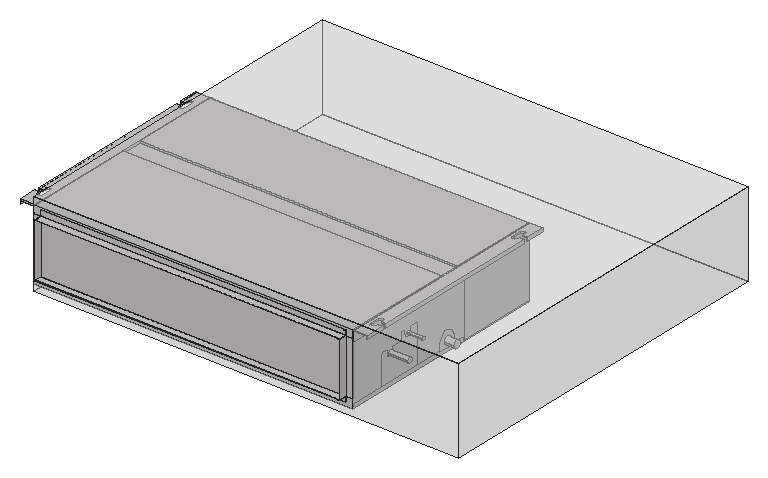
Revit family "outputfile", category 機械設備, Revit 2024
Family settings
  丸型コネクタ寸法 = 半径を使用
  パーツ タイプ = 標準
  OmniClass 番号 = 23.75.10.24.21.27.27
  OmniClass タイトル = Split System Air Conditioning Units
  作業面ベース = いいえ
  常に垂直 = はい
  ロード時にボイドで切り取り = いいえ
  注釈の向きを維持 = いいえ
  共有 = いいえ
  部屋計算ポイント = はい
Parameters (values of type "CDXM50RVMV")
  Description = ""
  書き出し IFC クラス(タイプ) = "IfcUnitaryEquipmentType"
  定義済み IFC タイプ(タイプ) = "AIRCONDITIONINGUNIT"
  Cost = 0
  Type Comments = ""
  Keynote = ""
  Type Image = (empty or 0)
  Assembly Code = ""
  switch_frequency = yes
  ld_powersupply = Depth / 2  # 310.0 mm
  製造元 = "Daikin"
  モデル = "CDXM50RVMV"
  r_Liquid Pipe Size = Liquid Pipe Size / 2  # 3.2 mm
  r_Gas Pipe Size = Gas Pipe Size / 2  # 6.35 mm
  r_Drain Pipe Size = Drain Pipe Size / 2  # 10.0 mm
  lw_powersupply = 50.0 mm  # constant formula
  lw_ductflange2 = 820.0 mm
  lw_Width = 860.0 mm
  lh_suctionflange [instance] = 100.0 mm  # constant formula
  ld_suctionflange [instance] = if(Rear Connection_Return Air, 190.0 mm, 100.0 mm)  # 190.0 mm
  connector_voltage = Voltage_50Hz  # 230 V
  connector_powerinput = if([Power Input (Cooling)] > [Power Input (Heating)], [Power Input (Cooling)], [Power Input (Heating)])  # 0.000 kW
  connector_phase = Phase_50Hz  # 1
  angle_vertical_RA [instance] = if(Rear Connection_Return Air, 90.00°, 0.00°)  # 90.00°
  angle horizontal_RA [instance] = if(Rear Connection_Return Air, 180.00°, 270.00°)  # 180.00°
  Voltage_comment_50Hz = "220 - 240"
  Voltage_50Hz = 230 V
  URL = ""
  Supply Air Direction [instance] = yes
  Sound Power Level_H speed (dB) = 0
  Rear Connection_Return Air [instance] = not(Bottom Connection_Return Air)  # yes
  RA_length [instance] = if(Rear Connection_Return Air, 190.0 mm, 100.0 mm)  # 190.0 mm
  Phase_50Hz = 1
  Minimum External Static Pressure = 0.00 Pa
  Minimum Circuit Amps_50Hz = 0.0 A
  Maximum Fuse Amps_50Hz = 0.0 A
  Maximum External Static Pressure = 40.00 Pa
  Material_Casing = DAIKIN_GalvanizedSteel_Casing_indoorunit
  lw_liquidpipe = 46.0 mm  # constant formula
  lw_gaspipe = 57.0 mm  # constant formula
  lw_mountinghole = 940.0 mm
  lw_drainpipe = 30.0 mm  # constant formula
  lh_powersupply = 150.0 mm  # constant formula
  lh_liquidpipe = 90.0 mm  # constant formula
  lh_gaspipe = 113.0 mm  # constant formula
  lh_mountinghole = Height  # 200.0 mm
  lh_drainpipe = 170.0 mm  # constant formula
  lh_antena = 1.0 mm  # constant formula
  ld_liquidpipe = 193.0 mm  # constant formula
  ld_gaspipe = 130.0 mm  # constant formula
  ld_mountinghole = 500.0 mm  # constant formula
  ld_drainpipe = 330.0 mm  # constant formula
  ld_controlbox = 626.0 mm  # constant formula
  h*** = 0.0 mm  # constant formula
  d_dischargeflange = 21.2 mm  # constant formula
  Width = 900.0 mm
  Version = "ver.1.0"
  Unit Type = "Duct (L.S.P)"
  Unit Mass Weight = 27.00 kg
  Unit Designation [instance] = ""
  Uniclass2015Version = "Products v1.30"
  Uniclass2015Title = "Split coil room air conditioning units"
  Uniclass2015Code = "Pr_70_65_03_86"
  Total Heating Capacity [instance] = 0.000 kW
  Total Cooling Capacity [instance] = 0.000 kW
  Sound Pressure Level_M speed (dBA) = 35
  Sound Pressure Level_L speed (dBA) = 33
  Sound Pressure Level_H speed (dBA) = 37
  Series = "Multi Split_Fan Coil Unit"
  Sensible Cooling Capacity [instance] = 0.000 kW
  SA Duct Size Width = 860.0 mm
  SA Duct Size Height = 153.0 mm
  Refrigerant Type = "R32"
  RA Duct Size Width = 780.0 mm
  RA Duct Size Height = 160.0 mm
  Power Input (Heating) = 0.000 kW
  Power Input (Cooling) = 0.000 kW
  Option Accessory 3 [instance] = ""
  Option Accessory 2 [instance] = ""
  Option Accessory 1 [instance] = ""
  Nominal Heating Capacity = 6.100 kW
  Nominal Cooling Capacity = 5.000 kW
  Minimum Airflow = 600.00 m³/h
  Median Airflow = 660.00 m³/h
  Maximum Airflow = 720.00 m³/h
  Load Classification = HVAC
  Liquid Pipe Size = 6.4 mm
  Link_Nested Family [instance] = ""
  IfcVersion = ""
  IfcExportType = "AIRCONDITIONINGUNIT"
  IfcExportAs = "IfcUnitaryEquipmentType"
  Height = 200.0 mm
  Heating Entering Wet Bulb Temperature [instance] = 0.00 °C
  Heating Entering Dry Bulb Temperature [instance] = 0.00 °C
  Heating Ambient Wet Bulb Temperature [instance] = 0.00 °C
  Heating Ambient Dry Bulb Temperature [instance] = 0.00 °C
  Heat Exchanger Type = "Cross Fin Coil"
  Gas Pipe Size = 12.7 mm
  Frequency_50Hz = 50 Hz
  Fan Type = "Sirocco Fan"
  Fan Drive = "Direct Drive"
  FCU Tag No. [instance] = ""
  Drain Pipe Size = 20.0 mm
  Design Supply Airflow [instance] = 0.00 m³/h
  Design Return Airflow [instance] = 0.00 m³/h
  Design External Static Pressure [instance] = 0.00 Pa
  Depth = 620.0 mm
  既定の高さ = 0.0 mm
  Cooling Entering Wet Bulb Temperature [instance] = 0.00 °C
  Cooling Entering Dry Bulb Temperature [instance] = 0.00 °C
  Cooling Ambient Wet Bulb Temperature [instance] = 0.00 °C
  Cooling Ambient Dry Bulb Temperature [instance] = 0.00 °C
  Clearance visibility [instance] = yes
  Clearance Top = 20.0 mm
  Clearance Right = 300.0 mm
  Clearance Rear = 400.0 mm
  Clearance Left = 0.0 mm
  Clearance Front = 0.0 mm
  Clearance Bottom = 20.0 mm
  Bottom Connection_Return Air [instance] = no
Reference planes
  plane 1 "Center (Front/Back)": y = 0
  plane 2: z = 0
  plane 3 "Center (Left/Right)": x = 0
  plane 4 "Back": y = 310
  plane 5 "Front": y = -310
  plane 6 "Left": x = -450
  plane 7 "Right": x = 450
  plane 8 "Top": z = 0
  plane 9 "Bottom": z = -200
  plane 10: x = -470
  plane 11: x = 470
  plane 12: y = 250
  plane 13: z = 0
  plane 14 "Clearance Left": x = -450
  plane 15 "Clearance Right": x = 750
  plane 16 "Clearance Rear": y = 710
  plane 17 "Clearance Front": y = -310
  plane 18 "Clearance Top": z = 20
  plane 19 "Clearance Bottom": z = -220
  plane 20: y = -250
  plane 21: z = -21
  plane 22: z = -97.5
  plane 23: x = -40
  plane 24: y = 120
  plane 25: z = -100
  plane 26: y = -180
  plane 27: z = -113
  plane 28: y = -117
  plane 29: z = -90
  plane 30: y = 20
  plane 31: z = -170
  plane 32: x = 507
  plane 33: x = 496
  plane 34: x = 480
  plane 35: x = 400
  plane 36: z = -150
Forms (mm)
  Extrusion 1, solid, material "DAIKIN_GalvanizedSteel_Casing_indoorunit" <- "Material_Casing"
    sketch origin (0, 0, 0) x (1, 0, 0) y (0, 1, 0)
      loop
        line (-450, -310) -> (450, -310) -> (450, 310) -> (-450, 310) -> (-450, -310)
    from -200 to 0
  Extrusion 2, void
    sketch origin (0, 0, 1) x (1, 0, 0) y (0, 1, 0)
      loop
        line (-450, 61.5) -> (-450, 3.5) -> (450, 3.5) -> (450, 61.5) -> (-450, 61.5)
    from -1 to -7
  Extrusion 3, solid, material "DAIKIN_GalvanizedSteel_Casing_indoorunit" <- "Material_Casing", visible <- "Bottom Connection_Return Air"
    sketch origin (0, 0, 0) x (1, 0, 0) y (0, 0, 1)
      loop
        line (369, -200) -> (369, -1) -> (-449, -1) -> (-449, -200) -> (369, -200)
    from -310 to -309
  Extrusion 4, solid, material "DAIKIN_GalvanizedSteel_Casing_indoorunit" <- "Material_Casing", visible <- "Rear Connection_Return Air"
    sketch origin (0, 0, 0) x (1, 0, 0) y (0, 1, 0)
      loop
        line (-449, 310) -> (-449, 111) -> (369, 111) -> (369, 310) -> (-449, 310)
    from -200 to -199
  Extrusion 5, solid, material "DAIKIN_GalvanizedSteel_Casing_indoorunit" <- "Material_Casing"
    sketch origin (450, 0, 0) x (0, 1, 0) y (0, 0, 1)
      loop
        circle (-180, -113) r 6.35
    from 0 to 57
  Extrusion 6, solid, material "DAIKIN_GalvanizedSteel_Casing_indoorunit" <- "Material_Casing"
    sketch origin (450, 0, 0) x (0, 1, 0) y (0, 0, 1)
      loop
        circle (-117, -90) r 3.2
    from 0 to 46
  Extrusion 7, solid, material "DAIKIN_GalvanizedSteel_Casing_indoorunit" <- "Material_Casing"
    sketch origin (450, 0, 0) x (0, 1, 0) y (0, 0, 1)
      loop
        circle (20, -170) r 10
    from 0 to 30
  Extrusion 8, solid, material "DAIKIN_GalvanizedSteel_Casing_indoorunit" <- "Material_Casing"
    sketch origin (450, 0, 0) x (0, 1, 0) y (0, 0, 1)
      loop
        line (-310, -200) -> (78.6, -200) -> (78.6, -193)
        arc (78.6, -193) -> (77.721, -190.879) -> (75.6, -190) r 3
        line (75.6, -190) -> (-310, -190) -> (-310, -200)
    from 0 to -1
  Extrusion 9, solid, material "DAIKIN_GalvanizedSteel_Casing_indoorunit" <- "Material_Casing"
    sketch origin (450, 0, 0) x (0, 1, 0) y (0, 0, 1)
      loop
        line (-210, -190) -> (-85.6, -190) -> (-85.6, -83)
        arc (-85.6, -83) -> (-86.479, -80.879) -> (-88.6, -80) r 3
        line (-88.6, -80) -> (-102, -80)
        arc (-102, -80) -> (-104.121, -80.879) -> (-105, -83) r 3
        line (-105, -83) -> (-105, -90)
        arc (-105, -90) -> (-117, -102) -> (-129, -90) r 12
        line (-129, -90) -> (-129, -83)
        arc (-129, -83) -> (-129.879, -80.879) -> (-132, -80) r 3
        line (-132, -80) -> (-136.1, -80)
        arc (-136.1, -80) -> (-138.221, -80.879) -> (-139.1, -83) r 3
        line (-139.1, -83) -> (-139.1, -102.7) -> (-165, -102.7)
        arc (-165, -102.7) -> (-167.121, -103.579) -> (-168, -105.7) r 3
        line (-168, -105.7) -> (-168, -113)
        arc (-168, -113) -> (-180, -125) -> (-192, -113) r 12
        line (-192, -113) -> (-192, -105.7)
        arc (-192, -105.7) -> (-192.879, -103.579) -> (-195, -102.7) r 3
        line (-195, -102.7) -> (-207, -102.7)
        arc (-207, -102.7) -> (-209.121, -103.579) -> (-210, -105.7) r 3
        line (-210, -105.7) -> (-210, -190)
    from 0 to -1
  Extrusion 10, solid, material "DAIKIN_GalvanizedSteel_Casing_indoorunit" <- "Material_Casing"
    sketch origin (450, 0, 0) x (0, 1, 0) y (0, 0, 1)
      loop
        arc (44.5, -170) -> (20, -145.5) -> (-4.5, -170) r 24.5
        line (-4.5, -170) -> (-4.5, -190) -> (44.5, -190) -> (44.5, -170)
    from 0 to -1
  Extrusion 11, solid, material "DAIKIN_GalvanizedSteel_Casing_indoorunit" <- "Material_Casing"
    sketch origin (450, 0, 0) x (0, 1, 0) y (0, 0, 1)
      loop
        arc (86.6, -22) -> (84.479, -22.879) -> (83.6, -25) r 3
        line (83.6, -25) -> (83.6, -194.5)
        arc (83.6, -194.5) -> (84.479, -196.621) -> (86.6, -197.5) r 3
        line (86.6, -197.5) -> (307, -197.5)
        arc (307, -197.5) -> (309.121, -196.621) -> (310, -194.5) r 3
        line (310, -194.5) -> (310, -25)
        arc (310, -25) -> (309.121, -22.879) -> (307, -22) r 3
        line (307, -22) -> (86.6, -22)
    from 0 to -1
Cuts and joins
  Extrusion 2 cuts Extrusion 1
Dimensions and locks
  "Height": plane 8 "Top" to plane 9 "Bottom"
  equal spacing: plane 10, plane 3 "Center (Left/Right)", plane 11
  "lw_mountinghole": plane 10 to plane 11
  equal spacing: plane 6 "Left", plane 3 "Center (Left/Right)", plane 7 "Right"
  "Width": plane 6 "Left" to plane 7 "Right"
  "Clearance Right": plane 7 "Right" to plane 15 "Clearance Right"
  "Clearance Left": plane 14 "Clearance Left" to plane 6 "Left"
  "Clearance Rear": plane 16 "Clearance Rear" to plane 4 "Back"
  "Clearance Front": plane 5 "Front" to plane 17 "Clearance Front"
  "Clearance Top": plane 18 "Clearance Top" to plane 8 "Top"
  "Clearance Bottom": plane 9 "Bottom" to plane 19 "Clearance Bottom"
  "Depth": plane 4 "Back" to plane 5 "Front"
  equal spacing: plane 4 "Back", plane 1 "Center (Front/Back)", plane 5 "Front"
  Extrusion 3 sketch curve to Extrusion 3 sketch curve = 199.0 mm
  locked: plane 20 to plane 5 "Front" at 60
  "ld_mountinghole": plane 12 to plane 20
  locked: plane 8 "Top" to plane 21 at 21
  locked: plane 23 to plane 3 "Center (Left/Right)" at 40
  "ld_suctionflange": plane 4 "Back" to plane 24
  "lh_suctionflange": plane 8 "Top" to plane 25
  "ld_gaspipe": plane 26 to plane 5 "Front"
  "lh_gaspipe": plane 8 "Top" to plane 27
  "ld_liquidpipe": plane 28 to plane 5 "Front"
  "lh_liquidpipe": plane 8 "Top" to plane 29
  "ld_drainpipe": plane 30 to plane 5 "Front"
  "lh_drainpipe": plane 8 "Top" to plane 31
  "lw_gaspipe": plane 7 "Right" to plane 32
  "lw_liquidpipe": plane 7 "Right" to plane 33
  "lw_drainpipe": plane 7 "Right" to plane 34
  "lw_powersupply": plane 35 to plane 7 "Right"
  "lh_powersupply": plane 8 "Top" to plane 36
  "r_Gas Pipe Size": radius of Extrusion 5 sketch curve
  "r_Liquid Pipe Size": radius of Extrusion 6 sketch curve
  "r_Drain Pipe Size": radius of Extrusion 7 sketch curve
  aligned and locked: level to plane 2
  aligned and locked: Extrusion 1 to plane 9 "Bottom"
  aligned and locked: plane 8 "Top" to Extrusion 1
  aligned and locked: plane 11 to nested 2
  aligned and locked: plane 10 to nested 3
  aligned and locked: plane 10 to nested 4
  aligned and locked: plane 8 "Top" to Extrusion 2
  aligned and locked: plane 9 "Bottom" to Extrusion 4  (x2)
  aligned and locked: plane 7 "Right" to cut or joined group of Extrusion 1, Extrusion 2  (x2)
  aligned and locked: plane 3 "Center (Left/Right)" to nested 9
  aligned and locked: plane 6 "Left" to nested 7
  aligned and locked: plane 8 "Top" to nested 9
  aligned and locked: plane 11 to nested 1
  aligned and locked: nested 6 to plane 1 "Center (Front/Back)"
  aligned and locked: plane 3 "Center (Left/Right)" to nested 6
  aligned and locked: level to plane 8 "Top"
  aligned and locked: plane 1 "Center (Front/Back)" to nested 9
  aligned and locked: plane 5 "Front" to nested 10
  aligned and locked: Extrusion 1 sketch curve to plane 5 "Front"
  aligned and locked: plane 21 to nested 10
  aligned and locked: nested 5 to plane 5 "Front"
  aligned and locked: plane 3 "Center (Left/Right)" to nested 5
  aligned and locked: plane 22 to nested 5
  aligned and locked: Extrusion 2 sketch curve to plane 6 "Left"
  aligned and locked: plane 7 "Right" to Extrusion 2 sketch curve
  aligned and locked: nested 11 to plane 23
  aligned and locked: nested 11 to plane 24
  aligned and locked: plane 27 to Extrusion 5 sketch curve
  aligned and locked: plane 26 to Extrusion 5 sketch curve
  aligned and locked: plane 28 to Extrusion 6 sketch curve
  aligned and locked: plane 29 to Extrusion 6 sketch curve
  aligned and locked: plane 31 to Extrusion 7 sketch curve
  aligned and locked: plane 30 to Extrusion 7 sketch curve
  aligned and locked: plane 26 to nested 12
  aligned and locked: nested 12 to plane 27
  aligned and locked: plane 32 to Extrusion 5
  aligned and locked: plane 32 to nested 12
  aligned and locked: plane 33 to Extrusion 6
  aligned and locked: plane 28 to nested 13
  aligned and locked: nested 13 to plane 29
  aligned and locked: plane 33 to nested 13
  aligned and locked: plane 34 to Extrusion 7
  aligned and locked: plane 30 to nested 14
  aligned and locked: nested 14 to plane 31
  aligned and locked: plane 34 to nested 14
  aligned and locked: Extrusion 8 sketch curve to plane 9 "Bottom"
  aligned and locked: Extrusion 8 sketch curve to plane 5 "Front"
  aligned and locked: plane 14 "Clearance Left" to nested 15
  aligned and locked: plane 15 "Clearance Right" to nested 15
  aligned and locked: plane 16 "Clearance Rear" to nested 15
  aligned and locked: nested 15 to plane 17 "Clearance Front"
  aligned and locked: nested 15 to plane 18 "Clearance Top"
  aligned and locked: nested 15 to plane 19 "Clearance Bottom"
  aligned and locked: nested 16 to plane 35
  aligned and locked: nested 16 to plane 36
  aligned and locked: plane 4 "Back" to nested 16
Automatic sketch dimensions
  Extrusion 1 sketch curve to plane 4 "Back" = 0.0 mm
  Extrusion 1 sketch curve to plane 6 "Left" = 0.0 mm
  Extrusion 1 sketch curve to plane 7 "Right" = 0.0 mm
  Extrusion 4 sketch curve to plane 4 "Back" = 0.0 mm
  plane 6 "Left" to Extrusion 3 sketch curve = 1.0 mm
  plane 6 "Left" to Extrusion 4 sketch curve = 1.0 mm
  Extrusion 4 sketch curve to plane 1 "Center (Front/Back)" = 111.0 mm
  Extrusion 3 sketch curve to plane 9 "Bottom" = 0.0 mm
  Extrusion 3 sketch curve to plane 7 "Right" = 81.0 mm
  Extrusion 4 sketch curve to plane 7 "Right" = 81.0 mm
  Extrusion 2 sketch curve to plane 1 "Center (Front/Back)" = 3.5 mm
  Extrusion 2 sketch curve to Extrusion 2 sketch curve = 58.0 mm
  plane 9 "Bottom" to Extrusion 8 sketch curve = 7.0 mm
  Extrusion 8 sketch curve to plane 24 = 44.4 mm
  Extrusion 8 sketch curve to Extrusion 8 sketch curve = 3.0 mm
  Extrusion 9 sketch curve to plane 27 = 0.0 mm
  Extrusion 9 sketch curve to plane 26 = 0.0 mm
  Extrusion 9 sketch curve to plane 29 = 0.0 mm
  Extrusion 9 sketch curve to plane 28 = 0.0 mm
  Extrusion 9 sketch curve to plane 26 = 12.0 mm
  Extrusion 9 sketch curve to plane 25 = 2.7 mm  (x2)
  Extrusion 9 sketch curve to Extrusion 9 sketch curve = 3.0 mm  (x6)
  Extrusion 9 sketch curve to Extrusion 9 sketch curve = 12.0 mm
  plane 9 "Bottom" to Extrusion 9 sketch curve = 10.0 mm
  Extrusion 9 sketch curve to plane 26 = 30.0 mm
  Extrusion 9 sketch curve to plane 28 = 22.1 mm
  Extrusion 9 sketch curve to Extrusion 9 sketch curve = 4.1 mm
  plane 29 to Extrusion 9 sketch curve = 7.0 mm  (x2)
  Extrusion 9 sketch curve to Extrusion 9 sketch curve = 13.4 mm
  Extrusion 10 sketch curve to plane 30 = 0.0 mm
  Extrusion 10 sketch curve to plane 31 = 0.0 mm
  plane 1 "Center (Front/Back)" to Extrusion 10 sketch curve = 4.5 mm
  plane 9 "Bottom" to Extrusion 10 sketch curve = 10.0 mm
  Extrusion 11 sketch curve to plane 4 "Back" = 0.0 mm
  Extrusion 11 sketch curve to Extrusion 11 sketch curve = 3.0 mm  (x3)
  Extrusion 11 sketch curve to plane 21 = 1.0 mm
  Extrusion 11 sketch curve to plane 21 = 4.0 mm
  Extrusion 11 sketch curve to plane 24 = 33.4 mm
  plane 9 "Bottom" to Extrusion 11 sketch curve = 5.5 mm
Nested families
  nested 1: "daikin_mountinghole" at (470, 250, -200), l_antenna <- "lh_antena", Link_Nested Family <- "Link_Nested Family", h_mountinghole <- "lh_mountinghole", type "daikin_mountinghole"
    with show yes, l_antenna 1.0 mm, h_mountinghole 200.0 mm, Link_Nested Family ""
  nested 2: "daikin_mountinghole" at (470, -250, -200), Link_Nested Family <- "Link_Nested Family", l_antenna <- "lh_antena", h_mountinghole <- "lh_mountinghole", type "daikin_mountinghole"
    with show yes, l_antenna 1.0 mm, h_mountinghole 200.0 mm, Link_Nested Family ""
  nested 3: "daikin_mountinghole" at (-470, -250, -200), l_antenna <- "lh_antena", Link_Nested Family <- "Link_Nested Family", h_mountinghole <- "lh_mountinghole", type "daikin_mountinghole"
    with show yes, l_antenna 1.0 mm, h_mountinghole 200.0 mm, Link_Nested Family ""
  nested 4: "daikin_mountinghole" at (-470, 250, -200), l_antenna <- "lh_antena", Link_Nested Family <- "Link_Nested Family", h_mountinghole <- "lh_mountinghole", type "daikin_mountinghole"
    with show yes, l_antenna 1.0 mm, h_mountinghole 200.0 mm, Link_Nested Family ""
  nested 5: "daikin_connector_rotate2" at (0, -310, -97.5), length <- "d_dischargeflange", type "daikin_connector_rotate2"
    with radius 10.0 mm, length 21.2 mm, angle_vertical 90.00°, show_face no
  nested 6: "daikin_△_symbolicline" at (-75, -129.904, 200) x (-0.5, 0.866, 0) z (0, 0, 1), built-in parameter 1001364 <- "Height", visible <- "Supply Air Direction", type "daikin_△_symbolicline"
    with length 300.0 mm
  nested 7: "daikin_ductflange_CDXM-RVMV_1" at (-40, 310, -100), visible <- "Rear Connection_Return Air", material <- "Material_Casing", width <- "lw_ductflange2", type "daikin_ductflange_CDXM-RVMV_1"
    with width 820.0 mm, material DAIKIN_GalvanizedSteel_Casing_indoorunit, height 180.0 mm, depth 21.2 mm
  nested 8: "daikin_ductflange_CDXM-RVMV_1" at (-40, 210, -200) x (1, 0, 0) z (0, 1, 0), visible <- "Bottom Connection_Return Air", material <- "Material_Casing", width <- "lw_ductflange2", type "daikin_ductflange_CDXM-RVMV_1"
    with width 820.0 mm, material DAIKIN_GalvanizedSteel_Casing_indoorunit, height 180.0 mm, depth 21.2 mm
  nested 9: "daikin_hangerfixture_CDXM-RVMV" at (0, 0, 0), type "daikin_hangerfixture_CDXM-RVMV"
    with width 900.0 mm
  nested 10: "daikin_ductflange_CDXM-RVMV" at (0, 3.5, -364.201), width <- "lw_Width", material <- "Material_Casing", type "daikin_ductflange_CDXM-RVMV"
    with width 860.0 mm, material DAIKIN_GalvanizedSteel_Casing_indoorunit, height 155.0 mm, depth 21.2 mm
  nested 11: "daikin_connector_rotate3" at (-40, 120, -100), length <- "RA_length", angle_vertical <- "angle_vertical_RA", angle_horizontal <- "angle horizontal_RA", type "daikin_connector_rotate3"
    with show no, radius 10.0 mm, length 190.0 mm, angle_vertical 90.00°, angle_horizontal 180.00°
  nested 12: "daikin_connector_rotate2" at (450, -180, -113) x (0, 1, 0) z (0, 0, 1), length <- "lw_gaspipe", radius <- "r_Gas Pipe Size", type "daikin_connector_rotate2"
    with radius 6.35 mm, length 57.0 mm, angle_vertical 90.00°, show_face no
  nested 13: "daikin_connector_rotate2" at (450, -117, -90) x (0, 1, 0) z (0, 0, 1), radius <- "r_Liquid Pipe Size", length <- "lw_liquidpipe", type "daikin_connector_rotate2"
    with radius 3.2 mm, length 46.0 mm, angle_vertical 90.00°, show_face no
  nested 14: "daikin_connector_rotate2" at (450, 20, -170) x (0, 1, 0) z (0, 0, 1), radius <- "r_Drain Pipe Size", length <- "lw_drainpipe", type "daikin_connector_rotate2"
    with radius 10.0 mm, length 30.0 mm, angle_vertical 90.00°, show_face no
  nested 15: "daikin_clearancespace" at (150, 200, -99.881), visible <- "Clearance visibility", Link_Nested Family <- "Link_Nested Family", show <- "Clearance visibility", type "daikin_clearancespace"
    with width 1200.0 mm, show yes, height 240.0 mm, depth 1020.0 mm, Link_Nested Family ""
  nested 16: "daikin_connector_rotate2" at (400, 0, -150) x (-1, 0, 0) z (0, 0, 1), length <- "ld_powersupply", type "daikin_connector_rotate2"
    with radius 10.0 mm, length 310.0 mm, angle_vertical 90.00°, show_face no
Connectors
  hvac at (0, -331.2, -97.5), driven by "SA Duct Size Height", driven by "SA Duct Size Width"
    settings: on nested 5, index 1, duct flow 0.00 m³/h, flow factor 0, pres drop 0.00 Pa, loss coef 0, conn angle 0.00°, conn width 860.0 mm, conn height 153.0 mm, conn diameter 609.6 mm, duct sys type 1, conn prof type 1, flow config 0, flow direction 2, loss method 4, conn ref index -1, conn util no, is conn primary yes, conn desc "SA Duct"
  hvac at (-40, 310, -100), driven by "RA Duct Size Height", driven by "RA Duct Size Width"
    settings: on nested 11, index 2, duct flow 0.00 m³/h, flow factor 0, pres drop 0.00 Pa, loss coef 0, conn angle 0.00°, conn width 780.0 mm, conn height 160.0 mm, conn diameter 609.6 mm, duct sys type 2, conn prof type 1, flow config 0, flow direction 1, loss method 4, conn ref index -1, conn util no, is conn primary no, conn desc "RA Duct"
  piping at (507, -180, -113), diameter 12.7, driven by "r_Gas Pipe Size"
    settings: on nested 12, index 3, connector inside diameter 609.6 mm, connector length 0.0 mm, flow factor 0, pipe flow 0.00 m³/h, pressure drop 0.0 Pa, fitting loss kfactor 0, connector angle 0.00°, fixture units 0, engagement length 0.0 mm, angle of deflection 0.00°, flow configuration 1, flow direction 2, fitting loss method 0, system type 29, joint type 0, gender type 0, connector reference index -1, connector utility 0, adjustable connector no, is connector primary yes, connector description "Refrigerant Gas Piping"
  piping at (496, -117, -90), diameter 6.4, driven by "r_Liquid Pipe Size"
    settings: on nested 13, index 4, connector inside diameter 609.6 mm, connector length 0.0 mm, flow factor 0, pipe flow 0.00 m³/h, pressure drop 0.0 Pa, fitting loss kfactor 0, connector angle 0.00°, fixture units 0, engagement length 0.0 mm, angle of deflection 0.00°, flow configuration 1, flow direction 1, fitting loss method 0, system type 29, joint type 0, gender type 0, connector reference index -1, connector utility 0, adjustable connector no, is connector primary no, connector description "Refrigerant Liquid Piping"
  piping at (480, 20, -170), diameter 20, driven by "r_Drain Pipe Size"
    settings: on nested 14, index 5, connector inside diameter 609.6 mm, connector length 0.0 mm, flow factor 0, pipe flow 0.00 m³/h, pressure drop 0.0 Pa, fitting loss kfactor 0, connector angle 0.00°, fixture units 0, engagement length 0.0 mm, angle of deflection 0.00°, flow configuration 1, flow direction 2, fitting loss method 4, system type 16, joint type 0, gender type 0, connector reference index -1, connector utility 0, adjustable connector no, is connector primary no, connector description "Condensate Drain Piping"
  electrical at (400, 310, -150), driven by "Load Classification", driven by "connector_phase", driven by "connector_powerinput", driven by "connector_voltage"
    settings: on nested 16, index 6, voltage 230 V, apparent load 0 VA, apparent load phase1 0 VA, apparent load phase2 0 VA, apparent load phase3 0 VA, power factor 1, load classification "HVAC", number of poles 1, system type 30, power factor state 1, is connector primary yes, connector utility no, sub classification motor no, connector description "Power Supply"
Definition of nested family "daikin_ductflange_CDXM-RVMV_1"
  Parameters (values of type "daikin_ductflange_CDXM-RVMV_1")
    width [instance] = 620.0 mm
    material [instance] = none
    height [instance] = 180.0 mm
    depth [instance] = 21.2 mm
    Default Elevation = 0.0 mm
  Reference planes
    plane 1 "Center (Front/Back)": y = 0
    plane 2: z = 0
    plane 3 "Center (Left/Right)": x = 0
    plane 4: x = -310
    plane 5: x = 310
    plane 6: z = 90
    plane 7: z = -90
    plane 8: z = 100
    plane 9: z = -100
    plane 10: x = -309
    plane 11: x = 309
  Forms (mm)
    Extrusion 1, solid, material <- "material"
      sketch origin (0, 0, 0) x (1, 0, 0) y (0, 0, 1)
        loop
          line (-290, 80) -> (-290, -80) -> (290, -80) -> (290, 80) -> (-290, 80)
        loop
          line (-309, -99) -> (309, -99) -> (309, 99) -> (-309, 99) -> (-309, -99)
      from 0 to 1
  Dimensions and locks
    equal spacing: plane 5, plane 3 "Center (Left/Right)", plane 4, locked at 310 each
    "width": plane 5 to plane 4
    equal spacing: plane 6, level, plane 7, locked at 90 each
    "height": plane 6 to plane 7
    equal spacing: plane 8, level, plane 9, locked at 100 each
    locked: plane 8 to plane 9 at 200
    plane 10 to plane 4 = 1.0 mm
    locked: plane 5 to plane 11 at 1
    locked: Extrusion 1 sketch curve to Extrusion 1 sketch curve at 19  (x4)
    locked: plane 8 to Extrusion 1 sketch curve at 1
    locked: Extrusion 1 sketch curve to plane 9 at 1
    aligned and locked: level to plane 2
  Automatic sketch dimensions
    plane 4 to Extrusion 1 sketch curve = 1.0 mm
    Extrusion 1 sketch curve to plane 5 = 1.0 mm
Definition of nested family "daikin_hangerfixture_CDXM-RVMV"
  Parameters (values of type "daikin_hangerfixture_CDKS-EAVMA")
    width = 700.0 mm
    material = none
    height = 30.0 mm
    depth = 618.0 mm
    Default Elevation = 0.0 mm
  Reference planes
    plane 1 "Center (Front/Back)": y = 0
    plane 2: z = 0
    plane 3 "Center (Left/Right)": x = 0
    plane 4: x = 350
    plane 5: y = 309
    plane 6: y = -309
    plane 7: x = -350
    plane 8: z = -30
  Forms (mm)
    Extrusion 1, solid, material <- "material"
      sketch origin (0, 0, 0) x (1, 0, 0) y (0, 0, 1)
        loop
          line (350, 0) -> (350, -30) -> (352.3, -30) -> (352.3, -2.3) -> (387.7, -2.3) -> (387.7, -10) -> (390, -10) -> (390, 0) -> (350, 0)
      from -309 to 309
    Extrusion 2, void
      sketch origin (0, 0, 0) x (0, 1, 0) y (0, 0, 1)
        loop
          line (309, -30) -> (309, -17.979) -> (87.935, -17.979) -> (75.914, -30) -> (309, -30)
      from 0 to 450
    Extrusion 3, void
      sketch origin (0, 0, 0) x (1, 0, 0) y (0, 1, 0)
        loop
          line (390, -243.5) -> (377, -243.5) -> (377, -237)
          arc (377, -237) -> (370, -230) -> (363, -237) r 7
          line (363, -237) -> (363, -263)
          arc (363, -263) -> (370, -270) -> (377, -263) r 7
          line (377, -263) -> (377, -256.5) -> (390, -256.5) -> (390, -243.5)
        loop
          line (390, 243.5) -> (390, 256.5) -> (377, 256.5) -> (377, 263)
          arc (377, 263) -> (370, 270) -> (363, 263) r 7
          line (363, 263) -> (363, 237)
          arc (363, 237) -> (370, 230) -> (377, 237) r 7
          line (377, 237) -> (377, 243.5) -> (390, 243.5)
      from -254.96 to 618
    Extrusion 4, solid, material <- "material"
      sketch origin (0, 0, 0) x (-1, 0, 0) y (0, 0, -1)
        loop
          line (350, 0) -> (390, 0) -> (390, 10) -> (387.7, 10) -> (387.7, 2.3) -> (352.3, 2.3) -> (352.3, 30) -> (350, 30) -> (350, 0)
      from -309 to 309
    Extrusion 5, void
      sketch origin (0, 0, 0) x (-1, 0, 0) y (0, -1, 0)
        loop
          line (390, 243.5) -> (390, 256.5) -> (377, 256.5) -> (377, 263)
          arc (377, 263) -> (370, 270) -> (363, 263) r 7
          line (363, 263) -> (363, 237)
          arc (363, 237) -> (370, 230) -> (377, 237) r 7
          line (377, 237) -> (377, 243.5) -> (390, 243.5)
        loop
          line (390, -243.5) -> (377, -243.5) -> (377, -237)
          arc (377, -237) -> (370, -230) -> (363, -237) r 7
          line (363, -237) -> (363, -263)
          arc (363, -263) -> (370, -270) -> (377, -263) r 7
          line (377, -263) -> (377, -256.5) -> (390, -256.5) -> (390, -243.5)
      from -254.96 to 618
  Cuts and joins
    Extrusion 2, Extrusion 3, Extrusion 5 cuts Extrusion 1
    Extrusion 5 cuts Extrusion 4
  Dimensions and locks
    equal spacing: plane 5, plane 1 "Center (Front/Back)", plane 6
    "depth": plane 5 to plane 6
    plane 6 to plane 1 "Center (Front/Back)" to plane 5 = 309.0 mm, 309.0 mm
    equal spacing: plane 4, plane 3 "Center (Left/Right)", plane 7
    "width": plane 4 to plane 7
    "height": level to plane 8
    aligned and locked: level to plane 2
    aligned and locked: plane 5 to Extrusion 1
    aligned and locked: Extrusion 1 to plane 6
    aligned and locked: Extrusion 1 to plane 4
    aligned and locked: plane 5 to cut or joined group of Extrusion 1, Extrusion 2, Extrusion 3, Extrusion 5
    aligned and locked: cut or joined group of Extrusion 1, Extrusion 2, Extrusion 3, Extrusion 5 to plane 6
    aligned and locked: level to cut or joined group of Extrusion 1, Extrusion 2, Extrusion 3, Extrusion 5
    aligned and locked: cut or joined group of Extrusion 1, Extrusion 2, Extrusion 3, Extrusion 5 to plane 8
    aligned and locked: plane 5 to cut or joined group of Extrusion 4, Extrusion 5
    aligned and locked: cut or joined group of Extrusion 4, Extrusion 5 to plane 6
  Automatic sketch dimensions
    Extrusion 1 sketch curve to plane 4 = 0.0 mm
    Extrusion 1 sketch curve to plane 8 = 0.0 mm
    Extrusion 1 sketch curve to level = 0.0 mm
    plane 4 to Extrusion 1 sketch curve = 2.3 mm
    Extrusion 1 sketch curve to level = 2.3 mm
    Extrusion 1 sketch curve to Extrusion 1 sketch curve = 35.4 mm
    Extrusion 1 sketch curve to Extrusion 1 sketch curve = 2.3 mm
    Extrusion 1 sketch curve to Extrusion 1 sketch curve = 7.7 mm
    Extrusion 2 sketch curve to plane 8 = 0.0 mm
    Extrusion 2 sketch curve to plane 5 = 0.0 mm
    plane 8 to Extrusion 2 sketch curve = 12.021 mm
    Extrusion 2 sketch curve to plane 1 "Center (Front/Back)" = 87.935 mm
    Extrusion 2 sketch curve to Extrusion 2 sketch curve = 12.021 mm
    plane 4 to Extrusion 3 sketch curve = 13.0 mm  (x2)
    Extrusion 3 sketch curve to Extrusion 3 sketch curve = 7.0 mm  (x4)
    Extrusion 3 sketch curve to Extrusion 3 sketch curve = 13.0 mm  (x4)
    plane 6 to Extrusion 3 sketch curve = 46.0 mm
    Extrusion 3 sketch curve to Extrusion 3 sketch curve = 6.5 mm  (x4)
    Extrusion 3 sketch curve to plane 5 = 72.0 mm
    Extrusion 4 sketch curve to plane 7 = 0.0 mm
    Extrusion 4 sketch curve to plane 8 = 0.0 mm
    Extrusion 4 sketch curve to level = 0.0 mm
    Extrusion 4 sketch curve to plane 7 = 2.3 mm
    Extrusion 4 sketch curve to level = 2.3 mm
    Extrusion 4 sketch curve to Extrusion 4 sketch curve = 35.4 mm
    Extrusion 4 sketch curve to Extrusion 4 sketch curve = 2.3 mm
    Extrusion 4 sketch curve to Extrusion 4 sketch curve = 7.7 mm
    Extrusion 5 sketch curve to plane 7 = 13.0 mm  (x2)
    Extrusion 5 sketch curve to Extrusion 5 sketch curve = 7.0 mm  (x4)
    Extrusion 5 sketch curve to Extrusion 5 sketch curve = 13.0 mm  (x4)
    Extrusion 5 sketch curve to plane 5 = 46.0 mm
    Extrusion 5 sketch curve to Extrusion 5 sketch curve = 6.5 mm  (x4)
    plane 6 to Extrusion 5 sketch curve = 72.0 mm
Definition of nested family "daikin_ductflange_CDXM-RVMV"
  Parameters (values of type "daikin_ductflange_FXDQ-NDVET")
    width [instance] = 660.0 mm
    material [instance] = none
    height [instance] = 155.0 mm
    depth [instance] = 21.2 mm
    Default Elevation = 0.0 mm
  Reference planes
    plane 1 "Center (Front/Back)": y = 0
    plane 2: z = 189.201
    plane 3 "Center (Left/Right)": x = 0
    plane 4: y = -313.5
    plane 5: x = -330
    plane 6: x = 330
    plane 7: y = -334.7
    plane 8: z = 344.201
    plane 9: z = 266.701
    plane 10: z = 343.201
    plane 11: z = 190.201
  Forms (mm)
    Extrusion 1, solid, material <- "material"
      sketch origin (0, 0, 189.201) x (1, 0, 0) y (0, 1, 0)
        loop
          line (-330, -334.7) -> (-330, -313.5) -> (-350, -313.5) -> (-350, -314.5) -> (-331, -314.5) -> (-331, -334.7) -> (-330, -334.7)
        loop
          line (330, -334.7) -> (331, -334.7) -> (331, -314.5) -> (350, -314.5) -> (350, -313.5) -> (330, -313.5) -> (330, -334.7)
      from 1 to 154
    Extrusion 2, solid, material <- "material"
      sketch origin (0, 0, 0) x (0, 1, 0) y (0, 0, 1)
        loop
          line (-313.5, 343.201) -> (-313.5, 358.201) -> (-314.5, 358.201) -> (-314.5, 344.201) -> (-334.7, 344.201) -> (-334.7, 343.201) -> (-313.5, 343.201)
        loop
          line (-313.5, 190.201) -> (-334.7, 190.201) -> (-334.7, 189.201) -> (-314.5, 189.201) -> (-314.5, 175.201) -> (-313.5, 175.201) -> (-313.5, 190.201)
      from -330 to 330
  Dimensions and locks
    plane 4 to plane 1 "Center (Front/Back)" = 313.5 mm
    "depth": plane 7 to plane 4
    equal spacing: plane 8, plane 9, level
    "height": plane 8 to level
    equal spacing: plane 6, plane 3 "Center (Left/Right)", plane 5
    "width": plane 6 to plane 5
    locked: plane 8 to plane 10 at 1
    locked: plane 11 to level at 1
    locked: Extrusion 1 to Extrusion 2 sketch curve at 1
    locked: Extrusion 2 sketch curve to Extrusion 1 at 1
    plane 10 to plane 11 = 153.0 mm
    aligned and locked: level to plane 2
    aligned and locked: Extrusion 2 to plane 5
    aligned and locked: Extrusion 2 to plane 11
    aligned and locked: Extrusion 2 to plane 10
    aligned and locked: plane 6 to Extrusion 2
    aligned and locked: plane 5 to Extrusion 2  (x2)
    aligned and locked: plane 5 to Extrusion 1  (x2)
    aligned and locked: Extrusion 1 to plane 6
    aligned and locked: plane 6 to Extrusion 1
    aligned and locked: Extrusion 1 to plane 10
  Automatic sketch dimensions
    Extrusion 2 sketch curve to plane 7 = 0.0 mm  (x2)
    Extrusion 2 sketch curve to plane 4 = 0.0 mm  (x2)
    Extrusion 2 sketch curve to plane 11 = 0.0 mm
    Extrusion 2 sketch curve to plane 10 = 0.0 mm
    Extrusion 2 sketch curve to plane 4 = 1.0 mm  (x2)
    Extrusion 2 sketch curve to level = 14.0 mm
    plane 8 to Extrusion 2 sketch curve = 14.0 mm
    Extrusion 1 sketch curve to plane 4 = 0.0 mm  (x2)
    Extrusion 1 sketch curve to plane 7 = 0.0 mm  (x2)
    Extrusion 1 sketch curve to plane 5 = 0.0 mm
    Extrusion 1 sketch curve to plane 6 = 0.0 mm
    Extrusion 1 sketch curve to plane 5 = 1.0 mm
    Extrusion 1 sketch curve to Extrusion 1 sketch curve = 19.0 mm  (x2)
    Extrusion 1 sketch curve to Extrusion 1 sketch curve = 1.0 mm
    Extrusion 1 sketch curve to plane 4 = 1.0 mm  (x2)
Definition of nested family "daikin_clearancespace"
  Parameters (values of type "daikin_clearancespace")
    Description = "daikin_clearancespace"
    width [instance] = 1823.963 mm
    show [instance] = yes
    material = none
    height [instance] = 1359.762 mm
    depth [instance] = 880.0 mm
    Default Elevation = 0.0 mm
    Link_Nested Family [instance] = ""
  Reference planes
    plane 1 "Center (Front/Back)": y = 0
    plane 2 "Center (Elevation)": z = -0.119
    plane 3 "Center (Left/Right)": x = 0
    plane 4: y = 440
    plane 5: y = -440
    plane 6 "Right": x = 911.982
    plane 7 "Left": x = -911.982
    plane 8 "Top": z = 679.762
    plane 9 "Bottom": z = -680
  Forms (mm)
    Extrusion 1, solid, material <- "material", visible <- "show"
      sketch origin (0, 0, 0) x (1, 0, 0) y (0, 1, 0)
        loop
          line (-911.982, 440) -> (-911.982, -440) -> (911.982, -440) -> (911.982, 440) -> (-911.982, 440)
      from -680 to 679.762
  Lines and regions (mm)
    symbolic lines, visible <- "show"
      curve 1: line (911.982, 440, 0) -> (-911.982, 440, 0)
      curve 2: line (-911.982, 440, 0) -> (-911.982, -440, 0)
      curve 3: line (-911.982, -440, 0) -> (911.982, -440, 0)
      curve 4: line (911.982, -440, 0) -> (911.982, 440, 0)
      curve 5: line (911.982, 0, 679.762) -> (-911.982, 0, 679.762)
      curve 6: line (911.982, 0, -680) -> (911.982, 0, 679.762)
      curve 7: line (-911.982, 0, -680) -> (911.982, 0, -680)
      curve 8: line (-911.982, 0, 679.762) -> (-911.982, 0, -680)
      curve 9: line (0, 440, 679.762) -> (0, -440, 679.762)
      curve 10: line (0, -440, 679.762) -> (0, -440, -680)
      curve 11: line (0, 440, -680) -> (0, 440, 679.762)
      curve 12: line (0, -440, -680) -> (0, 440, -680)
  Dimensions and locks
    "width": plane 7 "Left" to plane 6 "Right"
    "depth": plane 4 to plane 5
    "height": plane 8 "Top" to plane 9 "Bottom"
    equal spacing: plane 7 "Left", plane 3 "Center (Left/Right)", plane 6 "Right"
    equal spacing: plane 4, plane 1 "Center (Front/Back)", plane 5
    equal spacing: plane 8 "Top", plane 2 "Center (Elevation)", plane 9 "Bottom"
    aligned and locked: level to plane 2 "Center (Elevation)"
    aligned and locked: Extrusion 1 sketch curve to plane 4
    aligned and locked: plane 7 "Left" to Extrusion 1 sketch curve
    aligned and locked: Extrusion 1 sketch curve to plane 5
    aligned and locked: Extrusion 1 sketch curve to plane 6 "Right"
    aligned and locked: plane 8 "Top" to Extrusion 1
    aligned and locked: curve 1 to Extrusion 1
    aligned and locked: curve 2 to Extrusion 1
    aligned and locked: curve 3 to Extrusion 1
    aligned and locked: curve 4 to Extrusion 1
    aligned and locked: curve 5 to Extrusion 1
    aligned and locked: curve 6 to Extrusion 1
    aligned and locked: curve 7 to Extrusion 1
    aligned and locked: curve 8 to Extrusion 1
    aligned and locked: curve 9 to Extrusion 1
    aligned and locked: curve 10 to Extrusion 1
    aligned and locked: curve 11 to Extrusion 1
    aligned and locked: curve 12 to Extrusion 1
    aligned and locked: Extrusion 1 to plane 9 "Bottom"
Definition of nested family "daikin_mountinghole"
  Parameters (values of type "daikin_mountinghole")
    Default Elevation = 1219.2 mm
    Type Comments = "mountinghole"
    show [instance] = yes
    material = none
    l_centerline = 100.0 mm
    l_antenna [instance] = 100.0 mm
    h_mountinghole [instance] = 0.0 mm
    d_circle = 30.0 mm
    Link_Nested Family [instance] = ""
  Reference planes
    plane 1 "Center (Front/Back)": y = 0
    plane 2: z = 0
    plane 3 "Center (Left/Right)": x = 0
    plane 4: y = 50
    plane 5: x = -50
    plane 6: x = 50
    plane 7: y = -50
    plane 8 "h_mountinghole": z = 0
    plane 9: z = 100
  Lines and regions (mm)
    model lines, detail levels fine
      curve 1: circle (0, 0, 0) r 15 normal (0, 0, 1)
      curve 2: line (-50, 0, 0) -> (50, 0, 0)
      curve 3: line (0, 50, 0) -> (0, -50, 0)
    symbolic lines, detail levels fine
      curve 4: circle (0, 0, 0) r 15 normal (0, 0, 1)
      curve 5: line (-50, 0, 0) -> (50, 0, 0)
      curve 6: line (0, 50, 0) -> (0, -50, 0)
    model lines
      curve 7: line (0, 0, 100) -> (0, 0, 0)
  Dimensions and locks
    equal spacing: plane 4, plane 1 "Center (Front/Back)", plane 7
    "l_centerline": plane 4 to plane 7
    equal spacing: plane 5, plane 3 "Center (Left/Right)", plane 6
    "l_centerline": plane 5 to plane 6
    "l_antenna": plane 9 to plane 8 "h_mountinghole"
    "h_mountinghole": plane 8 "h_mountinghole" to plane 2
    "d_circle": diameter of curve 1
    "d_circle": diameter of curve 4
    aligned and locked: level to plane 2
    aligned and locked: plane 1 "Center (Front/Back)" to curve 1
    aligned and locked: plane 3 "Center (Left/Right)" to curve 1
    aligned and locked: plane 1 "Center (Front/Back)" to curve 2
    aligned and locked: curve 3 to plane 3 "Center (Left/Right)"
    aligned and locked: plane 6 to curve 2
    aligned and locked: plane 5 to curve 2
    aligned and locked: plane 4 to curve 3
    aligned and locked: plane 7 to curve 3
    aligned and locked: plane 1 "Center (Front/Back)" to curve 4
    aligned and locked: plane 3 "Center (Left/Right)" to curve 4
    aligned and locked: plane 6 to curve 5
    aligned and locked: plane 5 to curve 5
    aligned and locked: plane 1 "Center (Front/Back)" to curve 5
    aligned and locked: plane 4 to curve 6
    aligned and locked: plane 7 to curve 6
    aligned and locked: curve 6 to plane 3 "Center (Left/Right)"
    aligned and locked: curve 7 to plane 3 "Center (Left/Right)"
    aligned and locked: plane 9 to curve 7
    aligned and locked: plane 8 "h_mountinghole" to curve 7
Definition of nested family "daikin_connector_rotate2"
  Parameters (values of type "daikin_connector_rotate2")
    show_face = yes
    radius [instance] = 10.0 mm
    length [instance] = 600.0 mm
    d_surface = 10.0 mm
    angle_vertical [instance] = 90.00°
    Default Elevation = 0.0 mm
  Reference planes
    plane 1 "Center (Front/Back)": y = 0
    plane 2: z = 0
    plane 3 "Center (Left/Right)": x = 0
  Forms (mm)
    Extrusion 1, solid, visible <- "show_face"
      sketch origin (0, -600, 0) x (1, 0, 0) y (0, 0, 1)
        loop
          circle (0, 0) r 10
      from 0 to -10
  Lines and regions (mm)
    reference lines
      curve 1: line (0, 0, 0) -> (0, -600, 0)
    symbolic lines
      curve 2: circle (0, 0, 0) r 5 normal (0, 0, 1)
    model lines, visible <- "show_face"
      curve 3: line (0, 0, 0) -> (0, -600, 0)
  Dimensions and locks
    "length": curve 1 to curve 1
    "length": curve 3 to curve 3
    "d_surface": Extrusion 1 to Extrusion 1
    "radius": radius of Extrusion 1 sketch curve
    "angle_vertical": angle curve 1 to plane 1 "Center (Front/Back)"
    "angle_vertical": angle curve 3 to plane 1 "Center (Front/Back)"
    aligned and locked: level to plane 2
    aligned and locked: plane 1 "Center (Front/Back)" to curve 1
    aligned and locked: plane 2 to curve 1
    aligned and locked: plane 1 "Center (Front/Back)" to curve 2
    aligned and locked: plane 3 "Center (Left/Right)" to curve 2
    aligned and locked: plane 1 "Center (Front/Back)" to curve 3
    aligned and locked: plane 2 to curve 3
    aligned and locked: Extrusion 1 to Extrusion 1
  Automatic sketch dimensions
    Extrusion 1 sketch curve to level = 0.0 mm
    Extrusion 1 sketch curve to plane 3 "Center (Left/Right)" = 0.0 mm
    radius of curve 2 = 5.0 mm
Definition of nested family "daikin_△_symbolicline"
  Parameters (values of type "daikin_△_symbolicline")
    length [instance] = 500.0 mm
    Default Elevation = 0.0 mm
  Reference planes
    plane 1 "Center (Front/Back)": y = 0
    plane 2: z = 0
    plane 3 "Center (Left/Right)": x = 0
  Lines and regions (mm)
    symbolic lines
      curve 1: line (0, -433.013, 0) -> (250, 0, 0)
      curve 2: line (250, 0, 0) -> (-250, 0, 0)
      curve 3: line (-250, 0, 0) -> (0, -433.013, 0)
  Dimensions and locks
    equal spacing: curve 3, plane 3 "Center (Left/Right)", curve 2
    "length": curve 3 to curve 2
    "length": curve 3 to curve 3
    "length": curve 1 to curve 1
    aligned and locked: level to plane 2
    aligned and locked: curve 2 to plane 1 "Center (Front/Back)"
    aligned and locked: plane 3 "Center (Left/Right)" to curve 3
Definition of nested family "daikin_connector_rotate3"
  Parameters (values of type "daikin_connector_rotate3")
    Default Elevation = 1219.2 mm
    show [instance] = yes
    radius [instance] = 10.0 mm
    length [instance] = 600.0 mm
    angle_horizontal [instance] = 60.00°
    angle_vertical [instance] = 90.00°
  Reference planes
    plane 1 "Center (Front/Back)": y = 0
    plane 2: z = 0
    plane 3 "Center (Left/Right)": x = 0
  Dimensions and locks
    "angle_horizontal": angle plane 3 "Center (Left/Right)" to nested 1
    aligned and locked: level to plane 2
    aligned and locked: plane 1 "Center (Front/Back)" to nested 1  (x2)
    aligned and locked: plane 3 "Center (Left/Right)" to nested 1
  Nested families
    nested 1: "daikin_connector_rotate2" at (0, 0, 0) x (0.5, 0.866, 0) z (0, 0, 1), angle_vertical <- "angle_vertical", length <- "length", radius <- "radius", type "daikin_connector_rotate2"
      with radius 10.0 mm, length 600.0 mm, angle_vertical 90.00°
  Definition of nested family "daikin_connector_rotate2"
    Parameters (values of type "daikin_connector_rotate2")
      show_face = yes
      radius [instance] = 10.0 mm
      length [instance] = 600.0 mm
      d_surface = 10.0 mm
      angle_vertical [instance] = 90.00°
      Default Elevation = 0.0 mm
    Reference planes
      plane 1 "Center (Front/Back)": y = 0
      plane 2: z = 0
      plane 3 "Center (Left/Right)": x = 0
    Forms (mm)
      Extrusion 1, solid, visible <- "show_face"
        sketch origin (0, -600, 0) x (1, 0, 0) y (0, 0, 1)
          loop
            circle (0, 0) r 10
        from 0 to -10
    Lines and regions (mm)
      reference lines
        curve 1: line (0, 0, 0) -> (0, -600, 0)
      symbolic lines
        curve 2: circle (0, 0, 0) r 5 normal (0, 0, 1)
      model lines, visible <- "show_face"
        curve 3: line (0, 0, 0) -> (0, -600, 0)
    Dimensions and locks
      "length": curve 1 to curve 1
      "length": curve 3 to curve 3
      "d_surface": Extrusion 1 to Extrusion 1
      "radius": radius of Extrusion 1 sketch curve
      "angle_vertical": angle curve 1 to plane 1 "Center (Front/Back)"
      "angle_vertical": angle curve 3 to plane 1 "Center (Front/Back)"
      aligned and locked: level to plane 2
      aligned and locked: plane 1 "Center (Front/Back)" to curve 1
      aligned and locked: plane 2 to curve 1
      aligned and locked: plane 1 "Center (Front/Back)" to curve 2
      aligned and locked: plane 3 "Center (Left/Right)" to curve 2
      aligned and locked: plane 1 "Center (Front/Back)" to curve 3
      aligned and locked: plane 2 to curve 3
      aligned and locked: Extrusion 1 to Extrusion 1
    Automatic sketch dimensions
      Extrusion 1 sketch curve to level = 0.0 mm
      Extrusion 1 sketch curve to plane 3 "Center (Left/Right)" = 0.0 mm
      radius of curve 2 = 5.0 mm
